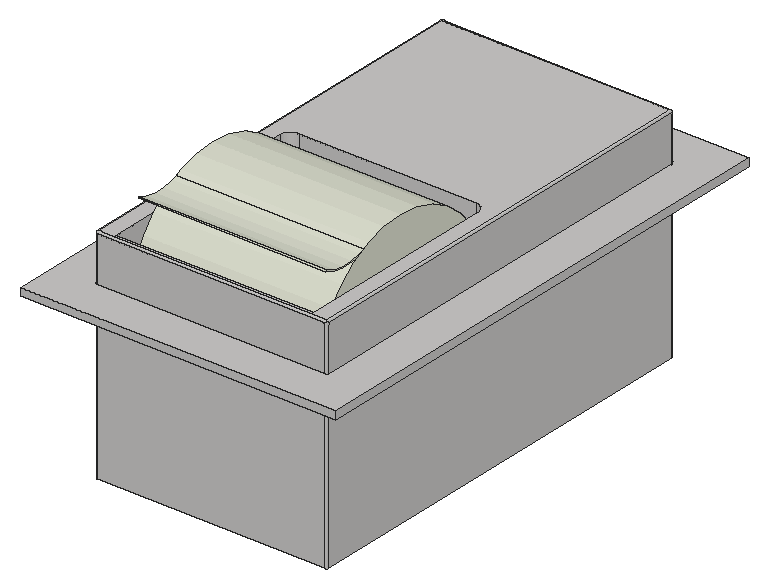
Revit family "Toilet_Tissue_Dispenser-Bradley_Corp-5412", category Specialty Equipment, host Face, Revit 2012
Parameters (values of type "5412")
  Width = 5.563"
  Warranty Information = "Complete Unit 1 Year Warranty. This Warranty does not cover installation or any other labor charges and does not apply to any units which have been damaged by abuse, improper installation, imporper maintanence, or altered in any way."
  Version = "2.0"
  Unit Material = Metal - Bradley Corp - Stainless Steel - Satin
  URL = "http://www.bradleycorp.com/"
  Type Comments = ""
  Technical Data = "n/a"
  Spindle Visibility [instance] = not(Paper Product Visibility)  # no
  Spindle Material = Plastic - Bradley Corp - Polyethylene - Gray
  Specifications URL = "http://www.bradleycorp.com/3partspec"
  Recess Depth = 4.000"
  Product Tech Data URL - Spanish = ""
  Product Tech Data URL - French = ""
  Product Tech Data URL - English = "http://bradleycorp.com/download/325/8550.pdf"
  Percentage of Recycled Content = 0
  Paper Product Visibility [instance] = yes
  OmniClass Table 23 Title = "Toilet Paper Dispensers"
  OmniClass Table 23 Number = "23.31.25.21"
  OmniClass Table 21 Title = "Toilet, Bath, and Laundry Accessories"
  OmniClass Table 21 Number = "21-03 10 90 40"
  Modeling Code = "n/a"
  Model = "5412"
  Material Note = "n/a"
  MasterFormat Title = "Toilet, Bath, and Laundry Accessories"
  MasterFormat Number = "10 28 00"
  Manufacturer = "Bradley Corporation"
  Low Emitting Material = no
  LEED Credit = ""
  Industry Standards = "n/a"
  Height = 10.375"
  Fire Rating = "n/a"
  Description = "Toilet Tissue Dispenser"
  Depth = 5.313"
  Default Elevation = 48.000"
  Copyright = "This Model is Property of Bradley Corporation"
  Complies to NAFTA = "n/a"
  Buy American Act = "To Be Determined"
  Assembly Code = "C1030200"
  ADA Compliant = "Yes"
Reference planes (in)
  plane 1 "Center (Front/Back)": y = 0
  plane 2: z = 0
  plane 3 "Center (Left/Right)": x = 0
  plane 4 "Top": y = 5.1875
  plane 5 "Left": x = -2.7815
  plane 6 "Right": x = 2.7815
  plane 7 "Bottom": y = -5.1875
  plane 8 "Front": z = 1.313
  plane 9 "Door Plane": z = 0.80284
  plane 10 "Back": z = -4
Forms (in)
  Extrusion 1, solid, material "Metal - Bradley Corp - Stainless Steel - Satin" <- "Unit Material", detail levels fine
    sketch origin (0, 0, 0) x (1, 0, 0) y (0, 1, 0)
      loop
        arc (-2.7315, 5.1875) -> (-2.76686, 5.17286) -> (-2.7815, 5.1375) r 0.05
        line (-2.7815, 5.1375) -> (-2.7815, -5.1375)
        arc (-2.7815, -5.1375) -> (-2.76686, -5.17286) -> (-2.7315, -5.1875) r 0.05
        line (-2.7315, -5.1875) -> (2.7315, -5.1875)
        arc (2.7315, -5.1875) -> (2.76686, -5.17286) -> (2.7815, -5.1375) r 0.05
        line (2.7815, -5.1375) -> (2.7815, 5.1375)
        arc (2.7815, 5.1375) -> (2.76686, 5.17286) -> (2.7315, 5.1875) r 0.05
        line (2.7315, 5.1875) -> (-2.7315, 5.1875)
    from -4 to 1.313
  Sweep 2, void
    path origin (0, 0, 1.313) x (-1, 0, 0) y (0, -1, 0)
      loop
        line (2.7815, -5.1875) -> (2.7815, 5.1875) -> (-2.7815, 5.1875) -> (-2.7815, -5.1875) -> (2.7815, -5.1875)
    profile origin (0, 5.1875, 1.313) x (0, 1, 0) y (0, 0, 1)
      loop
        line (0, -0.05) -> (0.1, -0.05) -> (0.1, 0.1) -> (-0.05, 0.1) -> (-0.05, 0)
        arc (-0.05, 0) -> (-0.01464, -0.01464) -> (0, -0.05) r 0.05
  Extrusion 3, void
    sketch origin (0, 0, 0) x (0, 1, 0) y (0, 0, 1)
      loop
        line (4.9065, 0.799) -> (-5.0935, 0.799) -> (-5.0935, -3.86101) -> (4.9065, -3.86101) -> (4.9065, 0.799)
    from -2.4885 to 2.4865
  Extrusion 4, void
    sketch origin (0, 0, 1.313) x (-1, 0, 0) y (0, -1, 0)
      loop
        line (2.3745, 0.1585) -> (2.3745, 5.0935) -> (-2.3745, 5.0935) -> (-2.3745, 0.1585)
        arc (-2.3745, 0.1585) -> (-2.30128, -0.01828) -> (-2.1245, -0.0915) r 0.25
        line (-2.1245, -0.0915) -> (2.1245, -0.0915)
        arc (2.1245, -0.0915) -> (2.30128, -0.01828) -> (2.3745, 0.1585) r 0.25
    from -5.17401 to 0.53237
  Extrusion 5, solid, material "Paper - Bradley Corp- White", visible <- "Paper Product Visibility", detail levels medium+fine
    sketch origin (0.00248, -2.33173, 0.60789) x (0, 1, 0) y (0, 0, 1)
      loop
        circle (0, -0.9375) r 2.5
    from -2.25 to 2.25
  Extrusion 6, solid, material "Paper - Bradley Corp- White", visible <- "Paper Product Visibility", detail levels fine
    sketch origin (0.00248, -2.30012, 1.33573) x (0, 1, 0) y (0, 0, 1)
      loop
        arc (-1, 0.61988) -> (-1.625, 0.47987) -> (-2.25, 0.61988) r 1.46508
        line (-2.25, 0.61988) -> (-2.26333, 0.59161)
        arc (-2.26333, 0.59161) -> (-1.6194, 0.44864) -> (-0.97655, 0.59643) r 1.49633
        line (-0.97655, 0.59643) -> (-1, 0.61988)
    from -2.25 to 2.25
  Extrusion 7, solid, material "Plastic - Bradley Corp - Polyethylene - Gray" <- "Spindle Material", visible <- "Spindle Visibility", detail levels fine
    sketch origin (0, 0, 0) x (0, 1, 0) y (0, 0, 1)
      loop
        circle (-4.37053, 0.107) r 0.7031
      loop
        circle (-2.92053, 0.107) r 0.7031
    from -2.4885 to 2.3745
  Extrusion 8, solid, material "Metal - Bradley Corp - Stainless Steel - Satin" <- "Unit Material", detail levels coarse+medium
    sketch origin (0, 0, 0.80284) x (-1, 0, 0) y (0, -1, 0)
      loop
        line (2.7815, -5.1875) -> (2.7815, 5.1875) -> (-2.7815, 5.1875) -> (-2.7815, -5.1875) -> (2.7815, -5.1875)
    from -4.80284 to 0.51016
  Extrusion 9, void
    sketch origin (0, 0, -4) x (-1, 0, 0) y (0, -1, 0)
      loop
        line (2.875, -5.25) -> (2.875, 5.25) -> (-2.875, 5.25) -> (-2.875, -5.25) -> (2.875, -5.25)
    from 0 to 4
  Extrusion 10, solid, material "Metal - Bradley Corp - Stainless Steel - Satin" <- "Unit Material"
    sketch origin (0, 0, -4) x (-1, 0, 0) y (0, -1, 0)
      loop
        line (3.7815, -6.1875) -> (3.7815, 6.1875) -> (-3.7815, 6.1875) -> (-3.7815, -6.1875) -> (3.7815, -6.1875)
      loop
        line (2.7815, -5.1875) -> (2.7815, 5.1875) -> (-2.7815, 5.1875) -> (-2.7815, -5.1875) -> (2.7815, -5.1875)
    from 4.1875 to 4
Cuts and joins
  Sweep 2, Extrusion 3, Extrusion 4 cuts Extrusion 1
  Extrusion 4 cuts Extrusion 8
Lines and regions (in)
  Masking region 1, detail levels medium+fine
    outline origin (0, 0, -4) x (-1, 0, 0) y (0, -1, 0)
      loop
        line (2.7815, -5.1875) -> (2.7815, 5.1875) -> (-2.7815, 5.1875) -> (-2.7815, -5.1875) -> (2.7815, -5.1875)
  Masking region 2
    outline origin (0, 0, -4) x (-1, 0, 0) y (0, -1, 0)
      loop
        line (3.7815, -6.1875) -> (3.7815, 6.1875) -> (-3.7815, 6.1875) -> (-3.7815, -6.1875) -> (3.7815, -6.1875)
  Masking region 3
    outline origin (0, 0, 0) x (1, 0, 0) y (0, 0, 1)
      loop
        line (3.7815, 0.1875) -> (2.7815, 0.1875) -> (2.7815, 0.80284) -> (2.3745, 0.80284) -> (2.3745, 1.313) -> (-2.3745, 1.313) -> (-2.3745, 0.80284) -> (-2.7815, 0.80284) -> (-2.7815, 0.1875) -> (-3.7815, 0.1875) -> (-3.7815, 0) -> (3.7815, 0) -> (3.7815, 0.1875)
  Masking region 4
    outline origin (0, 0, 0) x (0, 1, 0) y (0, 0, 1)
      loop
        line (-6.1875, 0.1875) -> (-6.1875, 0) -> (6.1875, 0) -> (6.1875, 0.1875) -> (5.1875, 0.1875) -> (5.1875, 1.313) -> (-5.1875, 1.313) -> (-5.1875, 0.1875) -> (-6.1875, 0.1875)
  Masking region 5, visible <- "Paper Product Visibility", detail levels fine
    outline origin (0, 0, 0) x (0, 1, 0) y (0, 0, 1)
      loop
        arc (-0.4471, 1.313) -> (-2.33173, 2.17039) -> (-4.21637, 1.313) r 2.5
        line (-4.21637, 1.313) -> (-0.4471, 1.313)
  model lines, detail levels fine
    curve 1: circle (0.0005, 4.3105, 1.313) r 0.115 normal (0, 0, 1)
    curve 3: line (-2.7315, -5.1875, 0.80284) -> (2.7315, -5.1875, 0.80284)
    curve 4: arc (2.7315, -5.1875, 0.80284) -> (2.76686, -5.17286, 0.80284) -> (2.7815, -5.1375, 0.80284) r 0.05
    curve 5: line (2.7815, -5.1375, 0.80284) -> (2.7815, 5.1375, 0.80284)
    curve 6: arc (2.7815, 5.1375, 0.80284) -> (2.76686, 5.17286, 0.80284) -> (2.7315, 5.1875, 0.80284) r 0.05
    curve 7: line (2.7315, 5.1875, 0.80284) -> (-2.7315, 5.1875, 0.80284)
    curve 8: arc (-2.7315, 5.1875, 0.80284) -> (-2.76686, 5.17286, 0.80284) -> (-2.7815, 5.1375, 0.80284) r 0.05
    curve 9: line (-2.7815, 5.1375, 0.80284) -> (-2.7815, -5.1375, 0.80284)
    curve 10: arc (-2.7815, -5.1375, 0.80284) -> (-2.76686, -5.17286, 0.80284) -> (-2.7315, -5.1875, 0.80284) r 0.05
  model lines, detail levels medium+fine
    curve 2: circle (0.0005, 4.3105, 1.313) r 0.306 normal (0, 0, 1)
  symbolic lines
    curve 11: line (-2.1245, 0.0915, -4) -> (2.1245, 0.0915, -4)
    curve 12: arc (2.1245, 0.0915, -4) -> (2.30128, 0.01828, -4) -> (2.3745, -0.1585, -4) r 0.25
    curve 13: line (2.3745, -0.1585, -4) -> (2.3745, -5.0935, -4)
    curve 14: line (2.3745, -5.0935, -4) -> (-2.3745, -5.0935, -4)
    curve 15: line (-2.3745, -5.0935, -4) -> (-2.3745, -0.1585, -4)
    curve 16: arc (-2.3745, -0.1585, -4) -> (-2.30128, 0.01828, -4) -> (-2.1245, 0.0915, -4) r 0.25
  symbolic lines, detail levels medium+fine
    curve 17: circle (0.0005, 4.3105, -4) r 0.306 normal (0, 0, 1)
  symbolic lines, detail levels fine
    curve 18: circle (0.0005, 4.3105, -4) r 0.115 normal (0, 0, 1)
    curve 19: line (-2.3745, -2.21743, -4) -> (2.3745, -2.21743, -4)
    curve 20: line (-2.3745, -3.62363, -4) -> (2.3745, -3.62363, -4)
    curve 21: line (2.3745, 0, 0.80284) -> (-2.3745, 0, 0.80284)
    curve 22: line (2.7815, 0, 0.1875) -> (-2.7815, 0, 0.1875)
Dimensions and locks (in)
  "Height": plane 4 "Top" to plane 7 "Bottom"
  equal spacing: plane 6 "Right", plane 3 "Center (Left/Right)", plane 5 "Left"
  "Width": plane 6 "Right" to plane 5 "Left"
  equal spacing: plane 4 "Top", plane 1 "Center (Front/Back)", plane 7 "Bottom"
  "Recess Depth": plane 2 to plane 10 "Back"
  "Depth": plane 8 "Front" to plane 10 "Back"
  locked: plane 8 "Front" to plane 9 "Door Plane" at 0.51016
  locked: plane 8 "Front" to Extrusion 7 sketch curve at 1.206  (x2)
  locked: plane 8 "Front" to Extrusion 5 sketch curve at 1.64261
  locked: Extrusion 6 sketch curve to Extrusion 6 sketch curve at 1.28679
  locked: Extrusion 6 sketch curve to Extrusion 6 sketch curve at 1.25
  locked: Extrusion 6 sketch curve to plane 8 "Front" at 0.61434
  locked: Extrusion 6 sketch curve to plane 8 "Front" at 0.61916
  locked: Extrusion 9 sketch curve to Extrusion 9 sketch curve at 10.5
  locked: Extrusion 9 sketch curve to Extrusion 9 sketch curve at 5.75
  equal spacing: Extrusion 9 sketch curve, plane 3 "Center (Left/Right)", Extrusion 9 sketch curve
  equal spacing: Extrusion 9 sketch curve, plane 1 "Center (Front/Back)", Extrusion 9 sketch curve
  plane 4 "Top" to Extrusion 10 sketch curve = 1.000"
  plane 7 "Bottom" to Extrusion 10 sketch curve = 1.000"
  plane 6 "Right" to Extrusion 10 sketch curve = 1.000"
  Extrusion 10 sketch curve to plane 5 "Left" = 1.000"
  locked: Extrusion 10 to plane 2 at 0.1875
  aligned and locked: host face to plane 2
  aligned and locked: level to host face
  aligned and locked: plane 8 "Front" to Extrusion 1
  aligned and locked: Extrusion 8 to plane 10 "Back"
  aligned and locked: cut or joined group of Extrusion 1, Sweep 2, Extrusion 3, Extrusion 4 to plane 10 "Back"
  aligned and locked: Extrusion 3 to Extrusion 4
  aligned and locked: plane 2 to Extrusion 9
  aligned and locked: Extrusion 9 to Extrusion 1
  aligned and locked: Extrusion 10 sketch curve to plane 4 "Top"
  aligned and locked: plane 5 "Left" to Extrusion 10 sketch curve
  aligned and locked: Extrusion 10 sketch curve to plane 6 "Right"
  aligned and locked: plane 7 "Bottom" to Extrusion 10 sketch curve
  aligned and locked: plane 2 to Extrusion 10
  aligned and locked: Masking region 1 sketch curve to cut or joined group of Extrusion 4, Extrusion 8  (x2)
  aligned and locked: Masking region 2 sketch curve to Extrusion 10  (x4)
  aligned and locked: Masking region 3 sketch curve to Extrusion 10  (x2)
  aligned and locked: Masking region 4 sketch curve to Extrusion 10  (x3)
  aligned and locked: Masking region 4 sketch curve to cut or joined group of Extrusion 4, Extrusion 8
  aligned and locked: Extrusion 10 to Masking region 4 sketch curve
  aligned and locked: Masking region 5 sketch curve to Extrusion 5
Automatic sketch dimensions
  host sketch curve to host sketch curve = 10.5862"
  host sketch curve to host sketch curve = 15.22389"
  Extrusion 1 sketch curve to plane 5 "Left" = 0.000"
  Extrusion 1 sketch curve to plane 7 "Bottom" = 0.000"
  Extrusion 1 sketch curve to plane 4 "Top" = 0.000"
  Extrusion 1 sketch curve to plane 6 "Right" = 0.000"
  plane 5 "Left" to Extrusion 1 sketch curve = 0.050"  (x2)
  Extrusion 1 sketch curve to plane 4 "Top" = 0.050"
  Extrusion 1 sketch curve to Extrusion 1 sketch curve = 0.050"
  Sweep 2 sketch curve to plane 8 "Front" = 0.000"
  Sweep 2 sketch curve to profile plane = 0.000"
  Sweep 2 sketch curve to plane 8 "Front" = 0.050"
  Sweep 2 sketch curve to profile plane = 0.100"
  plane 8 "Front" to Sweep 2 sketch curve = 0.100"
  Sweep 2 sketch curve to plane 4 "Top" = 0.000"
  Sweep 2 sketch curve to plane 6 "Right" = 0.000"
  Sweep 2 sketch curve to plane 5 "Left" = 0.000"
  Sweep 2 sketch curve to plane 7 "Bottom" = 0.000"
  plane 7 "Bottom" to Extrusion 3 sketch curve = 0.094"
  Extrusion 3 sketch curve to level = 3.86101"
  Extrusion 3 sketch curve to plane 4 "Top" = 0.281"
  Extrusion 3 sketch curve to plane 8 "Front" = 0.514"
  Extrusion 4 sketch curve to plane 6 "Right" = 0.407"
  Extrusion 4 sketch curve to Extrusion 4 sketch curve = 0.250"
  Extrusion 4 sketch curve to plane 1 "Center (Front/Back)" = 0.0915"
  plane 5 "Left" to Extrusion 4 sketch curve = 0.657"
  plane 7 "Bottom" to Extrusion 4 sketch curve = 0.094"
  plane 5 "Left" to Extrusion 4 sketch curve = 0.407"
  curve 2 to curve 1 = 0.000"
  curve 1 to curve 2 = 0.000"
  plane 3 "Center (Left/Right)" to curve 2 = 0.0005"
  curve 2 to plane 4 "Top" = 0.877"
  Extrusion 5 sketch curve to plane 4 "Top" = 7.51923"
  Extrusion 6 sketch curve to Extrusion 6 sketch curve = 0.000"  (x2)
  Extrusion 6 sketch curve to plane 4 "Top" = 9.75095"
  plane 8 "Front" to Extrusion 6 sketch curve = 0.6426"
  Extrusion 6 sketch curve to Extrusion 6 sketch curve = 0.01333"
  Extrusion 6 sketch curve to Extrusion 6 sketch curve = 0.625"
  plane 7 "Bottom" to Extrusion 7 sketch curve = 0.81697"
  Extrusion 7 sketch curve to Extrusion 7 sketch curve = 1.450"
  curve 5 to plane 6 "Right" = 0.000"
  curve 7 to plane 4 "Top" = 0.000"
  curve 3 to plane 7 "Bottom" = 0.000"
  curve 10 to plane 5 "Left" = 0.000"
  curve 7 to plane 6 "Right" = 0.050"
  curve 3 to plane 6 "Right" = 0.050"
  plane 5 "Left" to curve 7 = 0.050"
  plane 5 "Left" to curve 10 = 0.050"
  plane 6 "Right" to Extrusion 8 sketch curve = 0.000"
  Extrusion 8 sketch curve to plane 5 "Left" = 0.000"
  plane 4 "Top" to Extrusion 8 sketch curve = 0.000"
  Extrusion 8 sketch curve to plane 7 "Bottom" = 0.000"
  Masking region 1 sketch curve to plane 4 "Top" = 0.000"
  Masking region 1 sketch curve to plane 5 "Left" = 0.000"
  curve 17 to curve 18 = 0.000"  (x2)
  curve 20 to plane 6 "Right" = 0.407"
  curve 12 to curve 12 = 0.250"
  plane 3 "Center (Left/Right)" to curve 17 = 0.0005"
  plane 1 "Center (Front/Back)" to curve 16 = 0.1585"
  plane 5 "Left" to curve 16 = 0.657"
  plane 7 "Bottom" to curve 15 = 0.094"
  plane 5 "Left" to curve 20 = 0.407"
  curve 18 to plane 4 "Top" = 0.877"
  curve 12 to curve 19 = 2.05893"
  curve 19 to curve 20 = 1.4062"
  Masking region 3 sketch curve to plane 5 "Left" = 0.000"
  Masking region 3 sketch curve to plane 9 "Door Plane" = 0.000"  (x2)
  Masking region 3 sketch curve to plane 6 "Right" = 0.000"
  level to Masking region 3 sketch curve = 0.1875"  (x2)
  Masking region 3 sketch curve to plane 5 "Left" = 1.000"
  Masking region 3 sketch curve to Masking region 3 sketch curve = 0.407"
  Masking region 3 sketch curve to plane 6 "Right" = 0.407"
  Masking region 3 sketch curve to plane 8 "Front" = 0.000"
  curve 22 to plane 5 "Left" = 0.000"
  curve 21 to plane 9 "Door Plane" = 0.000"
  curve 22 to plane 6 "Right" = 0.000"
  plane 5 "Left" to curve 21 = 0.407"
  curve 21 to plane 6 "Right" = 0.407"
  level to curve 22 = 0.1875"
  Masking region 4 sketch curve to plane 7 "Bottom" = 0.000"
  level to Masking region 4 sketch curve = 0.1875"  (x2)
  Masking region 5 sketch curve to plane 8 "Front" = 0.000"
  radius of curve 1 = 0.115"
  radius of curve 2 = 0.306"
  radius of Extrusion 5 sketch curve = 2.500"
  radius of Extrusion 7 sketch curve = 0.7031"  (x2)
  radius of curve 17 = 0.306"
  radius of curve 18 = 0.115"
